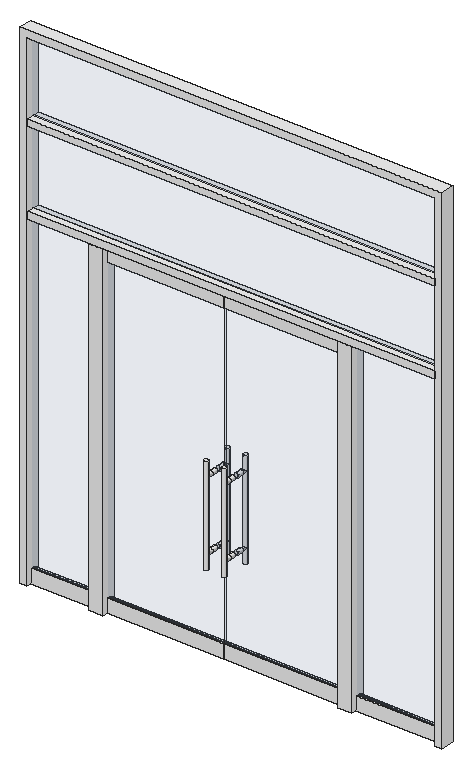
Revit family
Parameters
  프레임 투영 외부. = 25 mm
  프레임 투영 내부. = 25 mm
  프레임 폭 = 75 mm
  Height = 3600 mm
  Wall Closure = (empty or 0)
  Width = 3050 mm
  문 리프 폭 = 0.5 * 문 폭 - 50 mm  # 850 mm
  문 폭 = 1800 mm
  문 두께 = 100 mm
  문 패널 = SSD5 문 패널
  문 높이 = 2400 mm
  문 핸들 = 금속 - 크롬(2)
  문 프레임 = SSD5 문 프레임
Reference planes
  plane 1: y = 0
  plane 2 "왼쪽": x = -2750
  plane 3 "오른쪽": x = 300
  plane 4: z = 3600
  plane 5 "외부": y = 75
  plane 6 "내부": y = -75
  plane 7: x = -2200
  plane 8: x = -2700
  plane 9: x = 250
  plane 10: x = -2250
  plane 11: x = -2150
  plane 12: y = 50
  plane 13: y = -50
  plane 14: z = 3550
  plane 15: z = 2375
  plane 16: z = 2425
  plane 17: z = 2275
  plane 18: z = 100
  plane 19: y = 6
  plane 20: y = -6
  plane 21: y = 16
  plane 22: y = -16
  plane 23: x = -1300
  plane 24: x = -1365
  plane 25: x = -1235
  plane 26: z = 600
  plane 27: z = 1200
  plane 28: x = -400
  plane 29: x = -350
  plane 30: z = 2400
  plane 31: z = 3000
  plane 32: z = 2975
  plane 33: z = 3025
  plane 34: y = 850
  plane 35: y = -850
Forms (mm)
  Sweep 1, solid, material "SSD5 문 프레임" <- "문 프레임"
    path origin (0, 75, 0) x (1, 0, 0) y (0, 0, 1)
      loop
        line (300, 0) -> (300, 3600) -> (-2750, 3600) -> (-2750, 0)
    profile origin (300, 75, 1800) x (-1, 0, 0) y (0, -1, 0)
      loop
        line (50, 25) -> (50, 125) -> (0, 125) -> (0, 25) -> (50, 25)
  Extrusion 2, solid, material "SSD5 문 프레임" <- "문 프레임"
    sketch origin (-25, 0, 0) x (1, 0, 0) y (0, 1, 0)
      loop
        line (-2225, 50) -> (-2225, -50) -> (-2125, -50) -> (-2125, 50) -> (-2225, 50)
      loop
        line (-425, 50) -> (-425, -50) -> (-325, -50) -> (-325, 50) -> (-425, 50)
    from 0 to 2375
  Extrusion 3, solid, material "SSD5 문 패널" <- "문 패널"
    sketch origin (0, 0, 0) x (1, 0, 0) y (0, 1, 0)
      loop
        line (-2700, 6) -> (-2700, -6) -> (-2250, -6) -> (-2250, 6) -> (-2700, 6)
      loop
        line (-350, 6) -> (-350, -6) -> (250, -6) -> (250, 6) -> (-350, 6)
    from 0 to 2375
  Extrusion 4, solid, material "SSD5 문 패널" <- "문 패널"
    sketch origin (900, 0, 0) x (1, 0, 0) y (0, 1, 0)
      loop
        line (-3050, 6) -> (-3050, -6) -> (-2200, -6) -> (-2200, 6) -> (-3050, 6)
    from 0 to 2375
  Extrusion 5, solid, material "SSD5 문 패널" <- "문 패널"
    sketch origin (900, 0, 0) x (1, 0, 0) y (0, 1, 0)
      loop
        line (-2200, 6) -> (-2200, -6) -> (-1350, -6) -> (-1350, 6) -> (-2200, 6)
    from 0 to 2375
  Extrusion 6, solid, material "SSD5 문 프레임" <- "문 프레임"
    sketch origin (0, 0, 0) x (1, 0, 0) y (0, 1, 0)
      loop
        line (-2700, 6) -> (-2250, 6) -> (-2250, 16) -> (-2700, 16) -> (-2700, 6)
      loop
        line (-2700, -16) -> (-2250, -16) -> (-2250, -6) -> (-2700, -6) -> (-2700, -16)
      loop
        line (-350, 6) -> (250, 6) -> (250, 16) -> (-350, 16) -> (-350, 6)
      loop
        line (-350, -16) -> (250, -16) -> (250, -6) -> (-350, -6) -> (-350, -16)
    from 0 to 100
  Extrusion 7, solid, material "SSD5 문 프레임" <- "문 프레임"
    sketch origin (900, 0, 0) x (1, 0, 0) y (0, 1, 0)
      loop
        line (-3050, -16) -> (-2200, -16) -> (-2200, -6) -> (-3050, -6) -> (-3050, -16)
      loop
        line (-3050, 6) -> (-2200, 6) -> (-2200, 16) -> (-3050, 16) -> (-3050, 6)
    from 0 to 100
  Extrusion 8, solid, material "SSD5 문 프레임" <- "문 프레임"
    sketch origin (900, 0, 0) x (1, 0, 0) y (0, 1, 0)
      loop
        line (-2200, -16) -> (-1350, -16) -> (-1350, -6) -> (-2200, -6) -> (-2200, -16)
      loop
        line (-2200, 6) -> (-1350, 6) -> (-1350, 16) -> (-2200, 16) -> (-2200, 6)
    from 0 to 100
  Extrusion 9, solid, material "SSD5 문 프레임" <- "문 프레임"
    sketch origin (-2581.693, 300, 2275) x (0, 1, 0) y (1, 0, 0)
      loop
        line (-294, 431.693) -> (-284, 431.693) -> (-284, 1281.693) -> (-294, 1281.693) -> (-294, 431.693)
      loop
        line (-316, 431.693) -> (-306, 431.693) -> (-306, 1281.693) -> (-316, 1281.693) -> (-316, 431.693)
    from 0 to -100
  Extrusion 10, solid, material "SSD5 문 프레임" <- "문 프레임"
    sketch origin (-2581.693, 300, 2275) x (0, 1, 0) y (1, 0, 0)
      loop
        line (-294, 1281.693) -> (-284, 1281.693) -> (-284, 2131.693) -> (-294, 2131.693) -> (-294, 1281.693)
      loop
        line (-316, 1281.693) -> (-306, 1281.693) -> (-306, 2131.693) -> (-316, 2131.693) -> (-316, 1281.693)
    from 0 to -100
  Extrusion 11, solid, material "SSD5 문 패널" <- "문 패널"
    sketch origin (-2581.693, 300, 2375) x (0, 1, 0) y (1, 0, 0)
      loop
        line (-294, -118.307) -> (-294, 2881.693) -> (-306, 2881.693) -> (-306, -118.307) -> (-294, -118.307)
    from -50 to -600
  Extrusion 12, solid, material "SSD5 문 패널" <- "문 패널"
    sketch origin (-2581.693, 300, 2375) x (0, 1, 0) y (1, 0, 0)
      loop
        line (-294, -168.307) -> (-294, 2831.693) -> (-306, 2831.693) -> (-306, -168.307) -> (-294, -168.307)
    from -650 to -1175
  Extrusion 13, solid, material "SSD5 문 프레임" <- "문 프레임"
    sketch origin (-2581.693, 300, 2375) x (0, 1, 0) y (1, 0, 0)
      loop
        line (-250, -118.307) -> (-250, 2831.693) -> (-350, 2831.693) -> (-350, -118.307) -> (-250, -118.307)
    from 0 to -50
  Extrusion 14, solid, material "SSD5 문 프레임" <- "문 프레임"
    sketch origin (-2581.693, 300, 3000) x (0, 1, 0) y (1, 0, 0)
      loop
        line (-250, -118.307) -> (-250, 2831.693) -> (-350, 2831.693) -> (-350, -118.307) -> (-250, -118.307)
    from -25 to 25
Lines and regions (mm)
  Opening 1
    outline origin (-3050, -75, 0) x (1, 0, 0) y (0, 0, 1)
      loop
        line (300, 0) -> (3350, 0) -> (3350, 3600) -> (300, 3600) -> (300, 0)
  symbolic lines, style "평면 스윙"
    curve 1: line (-2150, 0, 2375) -> (-2150, 850, 2375)
    curve 2: line (-2150, 850, 2375) -> (-2118, 850, 2375)
    curve 3: line (-2118, 850, 2375) -> (-2118, 0, 2375)
    curve 4: line (-2150, 0, 2375) -> (-2150, -850, 2375)
    curve 5: line (-2150, -850, 2375) -> (-2118, -850, 2375)
    curve 6: line (-2118, -850, 2375) -> (-2118, 0, 2375)
    curve 7: line (-450, 0, 2375) -> (-450, 850, 2375)
    curve 8: line (-450, 850, 2375) -> (-482, 850, 2375)
    curve 9: line (-482, 850, 2375) -> (-482, 0, 2375)
    curve 10: line (-450, 0, 2375) -> (-450, -850, 2375)
    curve 11: line (-450, -850, 2375) -> (-482, -850, 2375)
    curve 12: line (-482, -850, 2375) -> (-482, 0, 2375)
    curve 17: arc (-2150, -850, 3000) -> (-1548.959, -601.041, 3000) -> (-1300, 0, 3000) r 850
    curve 18: arc (-450, -850, 3000) -> (-1051.041, -601.041, 3000) -> (-1300, 0, 3000) r 850
    curve 19: arc (-2150, 850, 3000) -> (-1548.959, 601.041, 3000) -> (-1300, 0, 3000) r 850
    curve 20: arc (-450, 850, 3000) -> (-1051.041, 601.041, 3000) -> (-1300, 0, 3000) r 850
  symbolic lines, style "입면도 스윙"
    curve 13: line (-1300, 75, 2375) -> (-450, 75, 1200)
    curve 14: line (-450, 75, 1200) -> (-1300, 75, 0)
    curve 15: line (-1300, 75, 0) -> (-2150, 75, 1200)
    curve 16: line (-2150, 75, 1200) -> (-1300, 75, 2375)
  symbolic lines
    curve 21: line (-2750, 50, 3000) -> (-2150, 50, 3000)
    curve 22: line (-2750, -50, 3000) -> (-2750, 50, 3000)
    curve 23: line (-2150, -50, 3000) -> (-2750, -50, 3000)
    curve 24: line (-2150, 50, 3000) -> (-2150, -50, 3000)
    curve 25: line (-2750, 0, 3000) -> (-2150, 0, 3000)
    curve 26: line (-450, 50, 3000) -> (300, 50, 3000)
    curve 27: line (-450, -50, 3000) -> (-450, 50, 3000)
    curve 28: line (300, -50, 3000) -> (-450, -50, 3000)
    curve 29: line (300, 50, 3000) -> (300, -50, 3000)
    curve 30: line (-450, 0, 3000) -> (300, 0, 3000)
Text (mm)
  text "외부" at (-2295.016, 1760.911, 0), in view "참조 레벨"
  text "외부" at (0, 1615.38, 3698.081), in view "왼쪽"
  text "외부" at (0, 1036.032, 3874.932), in view "오른쪽"
Dimensions and locks
  plane 2 "왼쪽" to plane 3 "오른쪽" = 3050 mm
  "Width": plane 2 "왼쪽" to plane 3 "오른쪽"
  "Height": plane 4 to host wall
  "문 높이": host wall to plane 30
  host wall to plane 4 = 3600 mm
  locked: plane 5 "외부" to host wall at 0
  locked: plane 6 "내부" to host wall
  locked: plane 2 "왼쪽" to plane 8 at 50
  plane 10 to plane 7 to plane 11 = 50 mm locked, 50 mm locked
  locked: plane 9 to plane 3 "오른쪽" at 50
  "문 두께": plane 12 to plane 13
  locked: plane 14 to plane 4 at 50
  locked: plane 15 to plane 16 at 50
  locked: plane 17 to plane 15 at 100
  locked: level to plane 18 at 100
  plane 19 to host wall to plane 20 = 6 mm locked, 6 mm locked
  locked: plane 20 to plane 22 at 10
  locked: plane 21 to plane 19 at 10
  locked: Extrusion 6 to plane 26 at 600
  plane 24 to plane 23 to plane 25 = 65 mm locked, 65 mm locked
  locked: curve 4 to curve 6 at 32
  locked: level to plane 27 at 1200
  curve 10 to plane 28 to plane 29 = 50 mm locked, 50 mm locked
  "문 폭": plane 7 to plane 28
  equal spacing: plane 7, plane 23, plane 28
  locked: plane 15 to plane 30 at 25
  equal spacing: plane 30, plane 31, plane 4
  plane 32 to plane 31 to plane 33 = 25 mm locked, 25 mm locked
  equal spacing: plane 12, plane 1, plane 13
  curve 12 to curve 10 = 32 mm
  "문 리프 폭": plane 34 to plane 1
  "문 리프 폭": plane 1 to plane 35
  aligned and locked: plane 2 "왼쪽" to Opening 1 sketch curve
  aligned and locked: plane 4 to Opening 1 sketch curve  (x2)
  aligned and locked: Opening 1 sketch curve to plane 3 "오른쪽"
  aligned and locked: Opening 1 sketch curve to level
  aligned and locked: host wall to plane 1
  aligned and locked: Sweep 1 sketch curve to plane 2 "왼쪽"
  aligned and locked: plane 4 to Sweep 1 sketch curve
  aligned and locked: plane 3 "오른쪽" to Sweep 1 sketch curve
  aligned and locked: plane 9 to Sweep 1 sketch curve
  aligned and locked: host wall to Sweep 1 sketch curve
  aligned and locked: Sweep 1 sketch curve to plane 12
  aligned and locked: plane 13 to Sweep 1 sketch curve
  aligned and locked: plane 10 to Extrusion 2 sketch curve
  aligned and locked: Extrusion 2 sketch curve to plane 12  (x2)
  aligned and locked: plane 13 to Extrusion 2 sketch curve  (x2)
  aligned and locked: plane 11 to Extrusion 2 sketch curve
  aligned and locked: plane 14 to Sweep 1
  aligned and locked: plane 8 to Extrusion 3 sketch curve
  aligned and locked: Extrusion 3 sketch curve to plane 19  (x2)
  aligned and locked: plane 20 to Extrusion 3 sketch curve  (x2)
  aligned and locked: plane 10 to Extrusion 3 sketch curve
  aligned and locked: plane 9 to Extrusion 3 sketch curve
  aligned and locked: plane 11 to Extrusion 4 sketch curve
  aligned and locked: Extrusion 4 sketch curve to plane 19
  aligned and locked: plane 20 to Extrusion 4 sketch curve
  aligned and locked: plane 23 to Extrusion 4 sketch curve
  aligned and locked: Extrusion 4 to Extrusion 5 sketch curve
  aligned and locked: Extrusion 5 sketch curve to Extrusion 4
  aligned and locked: plane 20 to Extrusion 5 sketch curve
  aligned and locked: Extrusion 6 sketch curve to Extrusion 3  (x5)
  aligned and locked: plane 21 to Extrusion 6 sketch curve  (x2)
  aligned and locked: Extrusion 6 sketch curve to plane 10
  aligned and locked: plane 8 to Extrusion 6 sketch curve
  aligned and locked: Extrusion 6 sketch curve to plane 22
  aligned and locked: Extrusion 3 to Extrusion 6 sketch curve  (x2)
  aligned and locked: Extrusion 6 sketch curve to plane 9
  aligned and locked: Extrusion 3 to plane 15
  aligned and locked: plane 18 to Extrusion 6
  aligned and locked: Extrusion 5 to plane 15
  aligned and locked: Extrusion 4 to plane 15
  aligned and locked: plane 11 to Extrusion 7 sketch curve
  aligned and locked: Extrusion 7 sketch curve to plane 22
  aligned and locked: Extrusion 4 to Extrusion 7 sketch curve
  aligned and locked: Extrusion 7 sketch curve to Extrusion 4  (x3)
  aligned and locked: plane 21 to Extrusion 7 sketch curve
  aligned and locked: Extrusion 7 sketch curve to plane 23
  aligned and locked: Extrusion 8 sketch curve to Extrusion 7
  aligned and locked: Extrusion 7 to Extrusion 8 sketch curve
  aligned and locked: Extrusion 5 to Extrusion 8 sketch curve
  aligned and locked: Extrusion 4 to Extrusion 8 sketch curve
  aligned and locked: Extrusion 8 sketch curve to Extrusion 5
  aligned and locked: plane 21 to Extrusion 8 sketch curve
  aligned and locked: plane 18 to Extrusion 8
  aligned and locked: plane 18 to Extrusion 7
  aligned and locked: Extrusion 4 to Extrusion 9 sketch curve
  aligned and locked: Extrusion 9 sketch curve to Extrusion 4  (x2)
  aligned and locked: Extrusion 9 sketch curve to Extrusion 7  (x3)
  aligned and locked: Extrusion 7 to Extrusion 9 sketch curve
  aligned and locked: Extrusion 5 to Extrusion 9 sketch curve
  aligned and locked: Extrusion 10 sketch curve to Extrusion 4
  aligned and locked: Extrusion 4 to Extrusion 10 sketch curve
  aligned and locked: Extrusion 10 sketch curve to Extrusion 8
  aligned and locked: Extrusion 10 sketch curve to Extrusion 7
  aligned and locked: Extrusion 7 to Extrusion 10 sketch curve
  aligned and locked: Extrusion 10 sketch curve to Extrusion 5
  aligned and locked: Extrusion 10 to plane 15
  aligned and locked: Extrusion 9 to plane 15
  aligned and locked: Extrusion 3 to Extrusion 11 sketch curve
  aligned and locked: Extrusion 11 sketch curve to Extrusion 3  (x2)
  aligned and locked: Extrusion 12 sketch curve to Extrusion 4
  aligned and locked: Extrusion 12 sketch curve to Extrusion 3
  aligned and locked: plane 16 to Extrusion 11
  aligned and locked: Extrusion 12 to Sweep 1
  aligned and locked: Extrusion 13 sketch curve to Extrusion 2
  aligned and locked: Extrusion 13 to plane 16
  aligned and locked: Extrusion 7 to nested 1
  aligned and locked: Extrusion 8 to nested 2
  aligned and locked: nested 2 to plane 25
  aligned and locked: nested 1 to plane 24
  aligned and locked: nested 3 to Extrusion 7
  aligned and locked: nested 4 to Extrusion 8
  aligned and locked: plane 25 to nested 4
  aligned and locked: plane 24 to nested 3
  aligned and locked: plane 26 to nested 4
  aligned and locked: plane 26 to nested 3
  aligned and locked: nested 2 to plane 26
  aligned and locked: nested 1 to plane 26
  aligned and locked: Extrusion 2 sketch curve to curve 10
  aligned and locked: Extrusion 2 sketch curve to plane 29
  aligned and locked: Extrusion 6 sketch curve to plane 29  (x2)
  aligned and locked: plane 29 to Extrusion 3 sketch curve
  aligned and locked: Extrusion 8 sketch curve to Extrusion 2  (x2)
  aligned and locked: Extrusion 2 to Extrusion 5 sketch curve
  aligned and locked: Extrusion 2 to plane 15
  aligned and locked: plane 33 to Extrusion 12
  aligned and locked: plane 3 "오른쪽" to Extrusion 11 sketch curve
  aligned and locked: Extrusion 12 sketch curve to plane 2 "왼쪽"
  aligned and locked: plane 9 to Extrusion 12 sketch curve
  aligned and locked: Extrusion 14 sketch curve to Sweep 1  (x2)
  aligned and locked: plane 12 to Extrusion 14 sketch curve
  aligned and locked: plane 13 to Extrusion 14 sketch curve
  aligned and locked: Extrusion 14 to Extrusion 12
  aligned and locked: Extrusion 14 to Extrusion 11
  aligned and locked: Extrusion 13 sketch curve to Sweep 1
  aligned and locked: plane 9 to Extrusion 13 sketch curve
  aligned and locked: plane 34 to curve 8
  aligned and locked: curve 2 to plane 34
  aligned and locked: curve 5 to plane 35
  aligned and locked: plane 35 to curve 11
  aligned and locked: curve 4 to curve 17
  aligned and locked: Extrusion 4 to curve 17
  aligned and locked: curve 10 to curve 18
  aligned and locked: plane 27 to curve 14
  aligned and locked: Extrusion 2 to curve 14
  aligned and locked: plane 27 to curve 16
  aligned and locked: Extrusion 2 to curve 15
  aligned and locked: Sweep 1 to curve 21
  aligned and locked: curve 21 to Sweep 1
  aligned and locked: curve 24 to Extrusion 2  (x2)
  aligned and locked: host wall to curve 25
  aligned and locked: Extrusion 2 to curve 26
  aligned and locked: curve 26 to Extrusion 2
  aligned and locked: curve 29 to Sweep 1  (x2)
  aligned and locked: host wall to curve 30
  aligned and locked: plane 32 to Extrusion 14
Automatic sketch dimensions
  Sweep 1 sketch curve to level = 0 mm  (x2)
  Extrusion 6 sketch curve to plane 22 = 0 mm
  Extrusion 6 sketch curve to plane 21 = 0 mm
  curve 4 to plane 11 = 0 mm
  curve 7 to host wall = 0 mm
  curve 6 to host wall = 0 mm
  curve 4 to host wall = 0 mm
  curve 9 to host wall = 0 mm
  curve 13 to plane 15 = 0 mm
  curve 13 to plane 23 = 0 mm
  curve 15 to level = 0 mm
  curve 15 to plane 23 = 0 mm
  Extrusion 10 sketch curve to plane 28 = 50 mm
  Extrusion 10 sketch curve to Extrusion 10 sketch curve = 0 mm
  Extrusion 13 sketch curve to plane 13 = 0 mm
  curve 17 to curve 19 = 0 mm
  curve 18 to curve 20 = 0 mm
  curve 17 to plane 35 = 0 mm
  curve 18 to plane 35 = 0 mm
  curve 19 to plane 34 = 0 mm
  curve 20 to plane 34 = 0 mm
Nested families
  nested 1: "KO_문 손잡이 유형3" at (-1365, -16, 100), type "핸들 유형3 03 길이700"
  nested 2: "KO_문 손잡이 유형3" at (-1235, -16, 100), type "핸들 유형3 03 길이700"
  nested 3: "KO_문 손잡이 유형3" at (-1365, 16, 100), type "핸들 유형3 03 길이700"
  nested 4: "KO_문 손잡이 유형3" at (-1235, 16, 100), type "핸들 유형3 03 길이700"
Definition of nested family "KO_문 손잡이 유형3"
  Parameters (values of type "핸들 유형3 01 길이600")
    링크 점 = 100 mm
    링크 재료 = 금속 - 크롬(2)
    핸들 재료 = 금속 - 크롬(2)
    핸들 깊이 = 80 mm
    링크 두께 = 10 mm
    핸들 반지름 = 17.5 mm
    기둥 점 = 500 mm
    핸들 길이 = 600 mm
    Assembly Code = ""
  Types (3, lengths in mm): name | 핸들 반지름 | 핸들 길이
    핸들 유형3 01 길이600 | 17.5 | 600
    핸들 유형3 02 길이650 | 15 | 650
    핸들 유형3 03 길이700 | 15 | 700
  Reference planes
    plane 1 "중심(앞/뒤)": y = 0
    plane 2: z = 0
    plane 3 "중심(왼쪽/오른쪽)": x = 0
    plane 4 "하드웨어": z = 500
    plane 5: z = 1100
  Forms (mm)
    Sweep 1, solid, material "금속 - 크롬(2)" <- "핸들 재료"
      path origin (0, 0, 0) x (0, 1, 0) y (0, 0, 1)
        loop
          line (-80, 1100) -> (-80, 500)
      profile origin (0, 0, 800) x (1, 0, 0) y (0, 1, 0)
        loop
          circle (0, -80) r 17.5
    Revolve 2, solid, material "금속 - 크롬(2)" <- "링크 재료"
      sketch origin (0, 0, 0) x (0, 1, 0) y (0, 0, 1)
        loop
          line (-80, 1000) -> (0, 1000) -> (0, 1015) -> (-40, 1015) -> (-80, 1007.081) -> (-80, 1000)
        axis (-80, 1000) -> (0, 1000)
      angle from 0 to 360
    Revolve 3, solid, material "금속 - 크롬(2)" <- "링크 재료"
      sketch origin (0, 0, 0) x (0, 1, 0) y (0, 0, 1)
        loop
          line (0, 600) -> (0, 615) -> (-40, 615) -> (-80, 607.081) -> (-80, 600) -> (0, 600)
        axis (-80, 600) -> (0, 600)
      angle from 0 to 360
  Dimensions and locks
    "기둥 점": plane 4 "하드웨어" to plane 2
    "핸들 길이": plane 5 to plane 4 "하드웨어"
    "핸들 깊이": Sweep 1 sketch curve to plane 1 "중심(앞/뒤)"
    locked: Revolve 2 sketch curve to Revolve 2 sketch curve at 15
    locked: Revolve 2 sketch curve to Revolve 2 sketch curve at 7.081
    "링크 점": Revolve 2 sketch curve to Sweep 1
    locked: Revolve 3 sketch curve to Revolve 3 sketch curve at 7.081
    locked: Revolve 3 sketch curve to Revolve 3 sketch curve at 15
    "링크 점": plane 4 "하드웨어" to Revolve 3 sketch curve
    equal spacing: Revolve 2 sketch curve, Revolve 2 sketch curve, Revolve 2 sketch curve
    equal spacing: Revolve 3 sketch curve, Revolve 3 sketch curve, Revolve 3 sketch curve
    "핸들 반지름": radius of Sweep 1 sketch curve
    aligned and locked: plane 4 "하드웨어" to Sweep 1 sketch curve
    aligned and locked: plane 5 to Sweep 1 sketch curve
    aligned and locked: Sweep 1 to Revolve 2 sketch curve  (x2)
    aligned and locked: Sweep 1 to Revolve 3 sketch curve
    aligned and locked: Revolve 3 sketch curve to plane 1 "중심(앞/뒤)"
  Automatic sketch dimensions
    Sweep 1 sketch curve to plane 3 "중심(왼쪽/오른쪽)" = 0 mm
    Sweep 1 sketch curve to profile plane = 0 mm
    Revolve 2 sketch curve to Revolve 2 sketch curve = 0 mm  (x2)
    Revolve 2 sketch curve to plane 1 "중심(앞/뒤)" = 70 mm
    Revolve 3 sketch curve to Revolve 3 sketch curve = 0 mm  (x2)
    Revolve 3 sketch curve to Revolve 3 sketch curve = 39.243 mm
    Revolve 2 sketch curve to plane 1 "중심(앞/뒤)" = 0 mm
